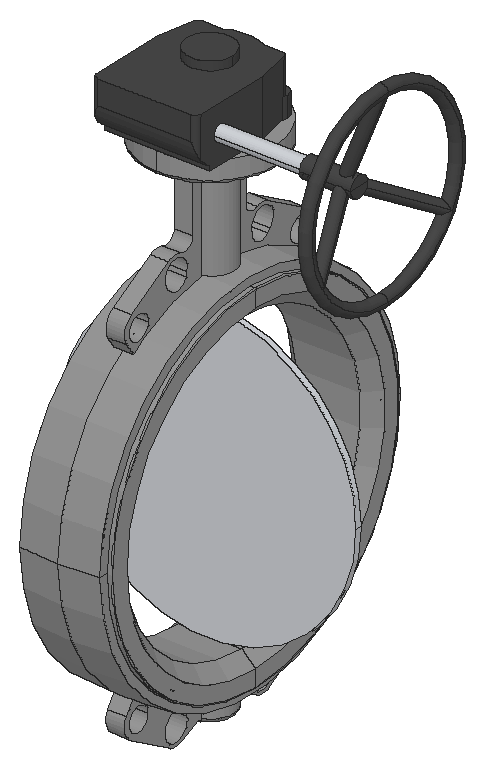
Revit family "HERZ Isolating Butterfly Valves ZF-4219 with gearbox", category Rohrzubehör, Revit 2020 (continued)
Automatic sketch dimensions
  Extrusion 8 sketch curve to Extrusion 8 sketch curve = 0.007 mm  (x2)
  Extrusion 8 sketch curve to Extrusion 8 sketch curve = 11.662 mm  (x2)
  Extrusion 8 sketch curve to Extrusion 8 sketch curve = 7.405 mm
  Extrusion 8 sketch curve to Extrusion 8 sketch curve = 9.76 mm  (x2)
  Extrusion 8 sketch curve to Extrusion 8 sketch curve = 46.144 mm
  Extrusion 8 sketch curve to Extrusion 8 sketch curve = 0.006 mm
  Extrusion 8 sketch curve to Extrusion 8 sketch curve = 0.159 mm  (x2)
  Extrusion 8 sketch curve to Extrusion 8 sketch curve = 0.225 mm  (x2)
  Extrusion 8 sketch curve to Extrusion 8 sketch curve = 3.156 mm
  Extrusion 7 sketch curve to Extrusion 7 sketch curve = 0 mm  (x29)
  Extrusion 7 sketch curve to level = 0 mm
  Extrusion 7 sketch curve to plane 1 "Mitte (Vorne/hinten)" = 0 mm
  Extrusion 7 sketch curve to Extrusion 7 sketch curve = 4.987 mm  (x2)
  plane 1 "Mitte (Vorne/hinten)" to Extrusion 7 sketch curve = 42.642 mm
  Extrusion 7 sketch curve to Extrusion 7 sketch curve = 3.28 mm  (x2)
  Extrusion 7 sketch curve to Extrusion 7 sketch curve = 14.935 mm  (x2)
  Extrusion 7 sketch curve to Extrusion 7 sketch curve = 11.589 mm  (x2)
  Extrusion 7 sketch curve to Extrusion 7 sketch curve = 14.868 mm  (x2)
  Extrusion 7 sketch curve to Extrusion 7 sketch curve = 33.628 mm  (x4)
  Extrusion 7 sketch curve to Extrusion 7 sketch curve = 3.946 mm  (x4)
  Extrusion 7 sketch curve to Extrusion 7 sketch curve = 12.021 mm  (x8)
  Extrusion 7 sketch curve to Extrusion 7 sketch curve = 8.075 mm  (x8)
  plane 1 "Mitte (Vorne/hinten)" to Extrusion 7 sketch curve = 21.03 mm
  Extrusion 7 sketch curve to Extrusion 7 sketch curve = 5.5 mm
  Extrusion 7 sketch curve to Extrusion 7 sketch curve = 0.54 mm  (x2)
  Extrusion 7 sketch curve to Extrusion 7 sketch curve = 0.103 mm
  Extrusion 7 sketch curve to Extrusion 7 sketch curve = 1.99 mm  (x2)
  plane 1 "Mitte (Vorne/hinten)" to Extrusion 7 sketch curve = 18.5 mm
  Extrusion 7 sketch curve to plane 1 "Mitte (Vorne/hinten)" = 18.5 mm  (x2)
  Extrusion 7 sketch curve to Extrusion 7 sketch curve = 1.897 mm
  Extrusion 7 sketch curve to Extrusion 7 sketch curve = 2 mm
  Extrusion 7 sketch curve to Extrusion 7 sketch curve = 21.612 mm
  Extrusion 7 sketch curve to level = 59.454 mm  (x2)
  Extrusion 7 sketch curve to Extrusion 7 sketch curve = 10.049 mm  (x4)
  Extrusion 7 sketch curve to Extrusion 7 sketch curve = 20.666 mm  (x2)
  Extrusion 7 sketch curve to Extrusion 7 sketch curve = 1.725 mm  (x2)
  Extrusion 7 sketch curve to Extrusion 7 sketch curve = 12.438 mm  (x4)
  level to Extrusion 7 sketch curve = 59.454 mm  (x2)
  Extrusion 7 sketch curve to Extrusion 7 sketch curve = 15.768 mm  (x2)
  Extrusion 7 sketch curve to Extrusion 7 sketch curve = 0.361 mm  (x2)
  Extrusion 7 sketch curve to Extrusion 7 sketch curve = 69.242 mm
  Extrusion 7 sketch curve to Extrusion 7 sketch curve = 0.014 mm
  Extrusion 7 sketch curve to Extrusion 7 sketch curve = 0.29 mm  (x2)
  Extrusion 6 sketch curve to Extrusion 6 sketch curve = 0 mm  (x31)
  Extrusion 6 sketch curve to level = 0 mm
  Extrusion 6 sketch curve to plane 1 "Mitte (Vorne/hinten)" = 0 mm
  plane 1 "Mitte (Vorne/hinten)" to Extrusion 6 sketch curve = 18.5 mm  (x2)
  Extrusion 6 sketch curve to Extrusion 6 sketch curve = 1.897 mm  (x2)
  Extrusion 6 sketch curve to Extrusion 6 sketch curve = 2 mm
  Extrusion 6 sketch curve to Extrusion 6 sketch curve = 4.154 mm  (x2)
  Extrusion 6 sketch curve to Extrusion 6 sketch curve = 5.603 mm
  Extrusion 6 sketch curve to Extrusion 6 sketch curve = 12 mm  (x2)
  Extrusion 6 sketch curve to Extrusion 6 sketch curve = 21.682 mm  (x2)
  Extrusion 6 sketch curve to Extrusion 6 sketch curve = 2.182 mm  (x2)
  Extrusion 6 sketch curve to Extrusion 6 sketch curve = 11.109 mm  (x4)
  Extrusion 6 sketch curve to Extrusion 6 sketch curve = 30.529 mm  (x4)
  Extrusion 6 sketch curve to Extrusion 6 sketch curve = 4.781 mm  (x4)
  Extrusion 6 sketch curve to Extrusion 6 sketch curve = 1.414 mm  (x8)
  Extrusion 6 sketch curve to Extrusion 6 sketch curve = 7.24 mm  (x8)
  Extrusion 6 sketch curve to Extrusion 6 sketch curve = 12.021 mm  (x8)
  Extrusion 6 sketch curve to plane 1 "Mitte (Vorne/hinten)" = 18.5 mm
  Extrusion 6 sketch curve to Extrusion 6 sketch curve = 7.5 mm
  Extrusion 6 sketch curve to Extrusion 6 sketch curve = 0.103 mm
  Extrusion 6 sketch curve to level = 50.036 mm  (x2)
  Extrusion 6 sketch curve to Extrusion 6 sketch curve = 17.112 mm  (x2)
  Extrusion 6 sketch curve to Extrusion 6 sketch curve = 9.185 mm  (x4)
  Extrusion 6 sketch curve to Extrusion 6 sketch curve = 20.608 mm  (x2)
  Extrusion 6 sketch curve to Extrusion 6 sketch curve = 12.868 mm  (x3)
  Extrusion 6 sketch curve to Extrusion 6 sketch curve = 9.096 mm  (x2)
  level to Extrusion 6 sketch curve = 50.036 mm  (x2)
  Extrusion 6 sketch curve to Extrusion 6 sketch curve = 17 mm
  Extrusion 6 sketch curve to Extrusion 6 sketch curve = 56.845 mm
  Extrusion 6 sketch curve to Extrusion 6 sketch curve = 0.017 mm
  Extrusion 6 sketch curve to Extrusion 6 sketch curve = 0.29 mm  (x2)
  Extrusion 5 sketch curve to Extrusion 5 sketch curve = 0 mm  (x25)
  Extrusion 5 sketch curve to level = 0 mm
  Extrusion 5 sketch curve to plane 1 "Mitte (Vorne/hinten)" = 0 mm
  plane 1 "Mitte (Vorne/hinten)" to Extrusion 5 sketch curve = 18.5 mm  (x2)
  Extrusion 5 sketch curve to Extrusion 5 sketch curve = 0.579 mm  (x2)
  Extrusion 5 sketch curve to Extrusion 5 sketch curve = 1.897 mm  (x2)
  Extrusion 5 sketch curve to Extrusion 5 sketch curve = 0.103 mm
  Extrusion 5 sketch curve to Extrusion 5 sketch curve = 5.603 mm
  Extrusion 5 sketch curve to Extrusion 5 sketch curve = 15.942 mm  (x4)
  Extrusion 5 sketch curve to Extrusion 5 sketch curve = 13 mm  (x2)
  Extrusion 5 sketch curve to Extrusion 5 sketch curve = 11.367 mm  (x4)
  Extrusion 5 sketch curve to Extrusion 5 sketch curve = 25.663 mm  (x4)
  Extrusion 5 sketch curve to Extrusion 5 sketch curve = 4.027 mm  (x4)
  Extrusion 5 sketch curve to Extrusion 5 sketch curve = 12.021 mm  (x5)
  Extrusion 5 sketch curve to Extrusion 5 sketch curve = 9.55 mm  (x4)
  Extrusion 5 sketch curve to Extrusion 5 sketch curve = 7.5 mm
  Extrusion 5 sketch curve to plane 1 "Mitte (Vorne/hinten)" = 18.5 mm  (x2)
  Extrusion 5 sketch curve to Extrusion 5 sketch curve = 2 mm
  Extrusion 5 sketch curve to level = 38.887 mm  (x2)
  Extrusion 5 sketch curve to Extrusion 5 sketch curve = 10.986 mm  (x3)
  Extrusion 5 sketch curve to Extrusion 5 sketch curve = 10.231 mm  (x3)
  Extrusion 5 sketch curve to Extrusion 5 sketch curve = 10.467 mm  (x4)
  Extrusion 5 sketch curve to Extrusion 5 sketch curve = 12.18 mm  (x2)
  Extrusion 5 sketch curve to Extrusion 5 sketch curve = 12.641 mm  (x4)
  Extrusion 5 sketch curve to Extrusion 5 sketch curve = 9.983 mm  (x2)
  level to Extrusion 5 sketch curve = 38.887 mm  (x2)
  Extrusion 5 sketch curve to Extrusion 5 sketch curve = 21.217 mm
  Extrusion 5 sketch curve to Extrusion 5 sketch curve = 16.969 mm  (x2)
  Extrusion 5 sketch curve to Extrusion 5 sketch curve = 51.117 mm
  Extrusion 5 sketch curve to Extrusion 5 sketch curve = 0.01 mm
  Extrusion 5 sketch curve to Extrusion 5 sketch curve = 0.29 mm  (x2)
  level to Extrusion 5 sketch curve = 49.873 mm
  Extrusion 4 sketch curve to Extrusion 4 sketch curve = 0 mm  (x28)
  Extrusion 4 sketch curve to level = 0 mm
  Extrusion 4 sketch curve to plane 1 "Mitte (Vorne/hinten)" = 0 mm
  plane 1 "Mitte (Vorne/hinten)" to Extrusion 4 sketch curve = 18.5 mm  (x2)
  Extrusion 4 sketch curve to Extrusion 4 sketch curve = 1.897 mm  (x2)
  Extrusion 4 sketch curve to Extrusion 4 sketch curve = 0.103 mm  (x2)
  Extrusion 4 sketch curve to Extrusion 4 sketch curve = 5.603 mm  (x2)
  Extrusion 4 sketch curve to Extrusion 4 sketch curve = 12.115 mm  (x4)
  Extrusion 4 sketch curve to Extrusion 4 sketch curve = 9 mm  (x2)
  Extrusion 4 sketch curve to Extrusion 4 sketch curve = 11.39 mm  (x2)
  Extrusion 4 sketch curve to Extrusion 4 sketch curve = 7.005 mm  (x2)
  Extrusion 4 sketch curve to Extrusion 4 sketch curve = 22.772 mm  (x4)
  Extrusion 4 sketch curve to Extrusion 4 sketch curve = 4.597 mm  (x4)
  Extrusion 4 sketch curve to Extrusion 4 sketch curve = 1.485 mm  (x4)
  Extrusion 4 sketch curve to Extrusion 4 sketch curve = 12.021 mm  (x4)
  Extrusion 4 sketch curve to Extrusion 4 sketch curve = 9.247 mm  (x4)
  Extrusion 4 sketch curve to plane 1 "Mitte (Vorne/hinten)" = 18.5 mm  (x2)
  Extrusion 4 sketch curve to level = 31.935 mm  (x2)
  Extrusion 4 sketch curve to Extrusion 4 sketch curve = 1.34 mm  (x4)
  Extrusion 4 sketch curve to Extrusion 4 sketch curve = 10.245 mm  (x4)
  Extrusion 4 sketch curve to Extrusion 4 sketch curve = 9.866 mm  (x4)
  Extrusion 4 sketch curve to Extrusion 4 sketch curve = 9.447 mm  (x4)
  Extrusion 4 sketch curve to Extrusion 4 sketch curve = 11.077 mm  (x4)
  Extrusion 4 sketch curve to Extrusion 4 sketch curve = 11.926 mm  (x2)
  level to Extrusion 4 sketch curve = 31.935 mm  (x2)
  Extrusion 4 sketch curve to Extrusion 4 sketch curve = 12.62 mm  (x2)
  Extrusion 4 sketch curve to Extrusion 4 sketch curve = 12.99 mm  (x2)
  Extrusion 4 sketch curve to Extrusion 4 sketch curve = 41.354 mm
  Extrusion 4 sketch curve to Extrusion 4 sketch curve = 0.018 mm
  Extrusion 4 sketch curve to Extrusion 4 sketch curve = 0.29 mm  (x2)
  Extrusion 3 sketch curve to Extrusion 3 sketch curve = 0 mm  (x23)
  Extrusion 3 sketch curve to level = 0 mm
  Extrusion 3 sketch curve to plane 1 "Mitte (Vorne/hinten)" = 0 mm
  plane 1 "Mitte (Vorne/hinten)" to Extrusion 3 sketch curve = 18 mm
  Extrusion 3 sketch curve to Extrusion 3 sketch curve = 1.897 mm  (x2)
  Extrusion 3 sketch curve to Extrusion 3 sketch curve = 0.103 mm  (x2)
  plane 1 "Mitte (Vorne/hinten)" to Extrusion 3 sketch curve = 22.391 mm
  Extrusion 3 sketch curve to Extrusion 3 sketch curve = 1.414 mm  (x14)
  Extrusion 3 sketch curve to Extrusion 3 sketch curve = 6.103 mm  (x2)
  Extrusion 3 sketch curve to Extrusion 3 sketch curve = 2 mm  (x2)
  Extrusion 3 sketch curve to Extrusion 3 sketch curve = 7.709 mm  (x4)
  Extrusion 3 sketch curve to Extrusion 3 sketch curve = 13.318 mm  (x5)
  Extrusion 3 sketch curve to Extrusion 3 sketch curve = 15.842 mm  (x5)
  Extrusion 3 sketch curve to Extrusion 3 sketch curve = 10.233 mm
  Extrusion 3 sketch curve to Extrusion 3 sketch curve = 3.184 mm  (x7)
  Extrusion 3 sketch curve to Extrusion 3 sketch curve = 6.315 mm  (x8)
  Extrusion 3 sketch curve to Extrusion 3 sketch curve = 3.021 mm  (x4)
  Extrusion 3 sketch curve to Extrusion 3 sketch curve = 5.303 mm  (x8)
  Extrusion 3 sketch curve to level = 23.805 mm  (x2)
  Extrusion 3 sketch curve to Extrusion 3 sketch curve = 3.106 mm  (x6)
  level to Extrusion 3 sketch curve = 23.805 mm  (x2)
  Extrusion 3 sketch curve to Extrusion 3 sketch curve = 6.654 mm  (x4)
  Extrusion 3 sketch curve to Extrusion 3 sketch curve = 9.77 mm  (x4)
  Extrusion 3 sketch curve to plane 1 "Mitte (Vorne/hinten)" = 18 mm
  Extrusion 3 sketch curve to plane 1 "Mitte (Vorne/hinten)" = 22.391 mm
  Extrusion 3 sketch curve to Extrusion 3 sketch curve = 5.708 mm  (x2)
  Extrusion 3 sketch curve to Extrusion 3 sketch curve = 3.131 mm
  level to Extrusion 3 sketch curve = 42.831 mm
  Extrusion 3 sketch curve to Extrusion 3 sketch curve = 4.045 mm
  Extrusion 3 sketch curve to Extrusion 3 sketch curve = 12.379 mm
  Extrusion 3 sketch curve to Extrusion 3 sketch curve = 68.43 mm
  Extrusion 3 sketch curve to Extrusion 3 sketch curve = 0.003 mm
  Extrusion 3 sketch curve to Extrusion 3 sketch curve = 0.316 mm  (x2)
  curve 12 to level = 0 mm
  curve 12 to plane 3 "Mitte (Links/rechts)" = 0 mm
  plane 1 "Mitte (Vorne/hinten)" to curve 6 = 0 mm
  curve 6 to plane 3 "Mitte (Links/rechts)" = 0 mm
  Revolve 1 sketch curve to plane 1 "Mitte (Vorne/hinten)" = 0 mm
  Revolve 1 sketch curve to Revolve 1 sketch curve = 0.987 mm
  Revolve 1 sketch curve to Revolve 1 sketch curve = 1.5 mm  (x4)
  Revolve 1 sketch curve to Revolve 1 sketch curve = 0.513 mm
  Revolve 1 sketch curve to Revolve 1 sketch curve = 0.915 mm  (x2)
  Revolve 1 sketch curve to Revolve 1 sketch curve = 1978.5 mm  (x2)
  Revolve 11 sketch curve to plane 1 "Mitte (Vorne/hinten)" = 0 mm  (x2)
  Revolve 11 sketch curve to Revolve 11 sketch curve = 3 mm
  Revolve 11 sketch curve to Revolve 11 sketch curve = 459.992 mm
  level to Revolve 11 sketch curve = 2741.474 mm
  Revolve 12 sketch curve to plane 1 "Mitte (Vorne/hinten)" = 0 mm  (x3)
  Revolve 12 sketch curve to Revolve 12 sketch curve = 1.895 mm
  Revolve 12 sketch curve to Revolve 12 sketch curve = 2 mm  (x2)
  Revolve 12 sketch curve to Revolve 12 sketch curve = 0.105 mm
  Revolve 12 sketch curve to level = 520.992 mm
  Revolve 12 sketch curve to Revolve 12 sketch curve = 2616.474 mm
  Revolve 13 sketch curve to level = 0 mm
  Revolve 13 sketch curve to Revolve 13 sketch curve = 1.492 mm
  Revolve 13 sketch curve to Revolve 13 sketch curve = 0.18 mm  (x2)
  Revolve 13 sketch curve to Revolve 13 sketch curve = 5.027 mm
  Revolve 13 sketch curve to Revolve 13 sketch curve = 1 mm
  Revolve 13 sketch curve to Revolve 13 sketch curve = 0.999 mm  (x2)
  Revolve 13 sketch curve to Revolve 13 sketch curve = 0.27 mm
  Revolve 13 sketch curve to Revolve 13 sketch curve = 0.957 mm
  Revolve 13 sketch curve to Revolve 13 sketch curve = 1328.99 mm
  Revolve 13 sketch curve to Revolve 13 sketch curve = 1875.983 mm
  Extrusion 14 sketch curve to level = 0 mm
  Extrusion 14 sketch curve to plane 3 "Mitte (Links/rechts)" = 0 mm
  radius of Extrusion 10 sketch curve = 12 mm  (x4)
  radius of Extrusion 9 sketch curve = 9.5 mm  (x4)
  radius of Extrusion 9 sketch curve = 14 mm  (x4)
  radius of Extrusion 7 sketch curve = 11.5 mm  (x4)
  radius of Extrusion 7 sketch curve = 9.5 mm  (x4)
  radius of Extrusion 6 sketch curve = 9.5 mm  (x8)
  radius of Extrusion 5 sketch curve = 9.5 mm  (x8)
  radius of Extrusion 4 sketch curve = 9.5 mm  (x8)
  radius of curve 12 = 7 mm
  radius of curve 6 = 5 mm
Nested families
  nested 1: "Herz-Logo-vorne" at (-23, 0, 197.5), type "Herz-Logo-vorne"
  nested 2: "Getriebe für Klappe DN50-DN200" at (0, 0, 125), visible <- "DN 50", type "Getriebe für Klappe DN50-DN200"
  nested 3: "Getriebe für Klappe DN50-DN200" at (0, 0, 149.5), visible <- "DN 65", type "Getriebe für Klappe DN50-DN200"
  nested 4: "Getriebe für Klappe DN50-DN200" at (0, 0, 156.5), visible <- "DN 80", type "Getriebe für Klappe DN50-DN200"
  nested 5: "Getriebe für Klappe DN50-DN200" at (0, 0, 182), visible <- "DN100", type "Getriebe für Klappe DN50-DN200"
  nested 6: "Getriebe für Klappe DN50-DN200" at (0, 0, 201), visible <- "DN125", type "Getriebe für Klappe DN50-DN200"
  nested 7: "Getriebe für Klappe DN50-DN200" at (0, 0, 214), visible <- "DN150", type "Getriebe für Klappe DN50-DN200"
  nested 8: "Getriebe für Klappe DN50-DN200" at (0, 0, 245), visible <- "DN200", type "Getriebe für Klappe DN50-DN200"
  nested 9: "Getriebe für Klappe DN250-DN300" at (0, 0, 283), visible <- "DN250", type "Getriebe für Klappe DN250-DN300"
  nested 10: "Getriebe für Klappe DN250-DN300" at (0, 0, 308), visible <- "DN300", type "Getriebe für Klappe DN250-DN300"
Connectors
  piping at (44.7, 0, 0), diameter 300, driven by "Nennweite"
    settings: on Revolve 13, index 1, connector inside diameter 609.6 mm, connector length 0 mm, flow factor 0, pipe flow 0.0 L/s, pressure drop 0.0 Pa, fitting loss kfactor 0, connector angle 0.00°, fixture units 0, engagement length 0 mm, angle of deflection 0.00°, flow configuration 0, flow direction 0, fitting loss method 0, system type 29, joint type 0, gender type 0, connector reference index -1, connector utility 0, adjustable connector no, is connector primary yes, connector description ""
  piping at (-44.7, 0, 0), diameter 300, driven by "Nennweite"
    settings: on Revolve 13, index 2, connector inside diameter 609.6 mm, connector length 0 mm, flow factor 0, pipe flow 0.0 L/s, pressure drop 0.0 Pa, fitting loss kfactor 0, connector angle 0.00°, fixture units 0, engagement length 0 mm, angle of deflection 0.00°, flow configuration 0, flow direction 0, fitting loss method 0, system type 29, joint type 0, gender type 0, connector reference index -1, connector utility 0, adjustable connector no, is connector primary no, connector description ""
Definition of nested family "Herz-Logo-vorne"
  Parameters (values of type "Herz-Logo-vorne")
    Default Elevation = 0 mm
  Reference planes
    plane 1 "Mitte (Vorne/hinten)": y = 0
    plane 2: z = 0
    plane 3 "Mitte (Links/rechts)": x = 0
  Forms (mm)
    Extrusion 1, solid
      sketch origin (0.732, -0.018, 0.017) x (0, -1, 0) y (0, 0, 1)
        loop
          line (-0.018, -4.517) -> (4.482, -4.517) -> (4.482, 4.483) -> (-4.518, 4.483) -> (-4.518, -4.517) -> (-0.018, -4.517)
        loop
          line (-0.05, -3.48) -> (3.482, -3.48) -> (3.482, 3.483) -> (-3.518, 3.483) -> (-3.518, -3.48) -> (-0.05, -3.48)
        loop
          arc (-0.018, 2.383) -> (-1.543, 3.287) -> (-3.067, 2.383) r 1.738
          arc (-3.067, 2.383) -> (-3.191, 1.899) -> (-3.067, 1.415) r 1.009
          line (-3.067, 1.415) -> (-0.018, -3.281) -> (3.032, 1.415)
          arc (3.032, 1.415) -> (3.156, 1.899) -> (3.032, 2.383) r 1.009
          arc (3.032, 2.383) -> (1.507, 3.287) -> (-0.018, 2.383) r 1.738
        loop
          arc (1.885, 1.272) -> (2.005, 1.675) -> (1.885, 2.079) r 0.74
          arc (1.885, 2.079) -> (1.265, 2.416) -> (0.644, 2.079) r 0.74
          line (0.644, 2.079) -> (-0.018, 0.97) -> (-0.679, 2.079)
          arc (-0.679, 2.079) -> (-1.3, 2.416) -> (-1.921, 2.079) r 0.74
          arc (-1.921, 2.079) -> (-2.04, 1.675) -> (-1.921, 1.272) r 0.74
          line (-1.921, 1.272) -> (-0.018, -1.658) -> (1.885, 1.272)
      from 0 to 1.5
  Dimensions and locks
    aligned and locked: level to plane 2
Definition of nested family "Getriebe für Klappe DN50-DN200"
  Parameters (values of type "Getriebe für Klappe DN50-DN200")
    W01 = 11.19°  # constant formula
    Default Elevation = 0 mm
    URL = "www.herz-armaturen.at"
    R07 = 92 mm  # constant formula
    R06 = 6 mm  # constant formula
    R05 = 10 mm  # constant formula
    R04 = 7.5 mm  # constant formula
    R03 = 10.5 mm  # constant formula
    R02 = 5.4 mm  # constant formula
    R01 = 44.9 mm  # constant formula
    M01 = 37 mm  # constant formula
    L03 = 52 mm  # constant formula
    L02 = 39.6 mm  # constant formula
    L01 = 80 mm  # constant formula
    Manufacturer = "Herz-Armaturen GmbH"  # constant formula
    H03 = 28.6 mm  # constant formula
    H02 = 20 mm  # constant formula
    H01 = 54 mm  # constant formula
    B05 = 209 mm  # constant formula
    B04 = 22 mm  # constant formula
    B03 = 50 mm  # constant formula
    B02 = 159 mm  # constant formula
    B01 = 51 mm  # constant formula
    A01 = 28.6 mm  # constant formula
  Reference planes
    plane 1 "Mitte (Vorne/hinten)": y = 0
    plane 2: z = 0
    plane 3 "Mitte (Links/rechts)": x = 0
  Forms (mm)
    Extrusion 1, solid, detail levels fine
      sketch origin (0, 0, 0) x (1, 0, 0) y (0, 1, 0)
        loop
          line (51, 0) -> (43.999, 35.392)
          arc (43.999, 35.392) -> (42.103, 38.419) -> (38.732, 39.6) r 5.4
          line (38.732, 39.6) -> (20.252, 39.6)
          arc (20.252, 39.6) -> (0, 44.427) -> (-20.252, 39.6) r 44.9
          line (-20.252, 39.6) -> (-38.732, 39.6)
          arc (-38.732, 39.6) -> (-42.103, 38.419) -> (-43.999, 35.392) r 5.4
          line (-43.999, 35.392) -> (-51, 0) -> (-51, -74.6)
          arc (-51, -74.6) -> (-49.418, -78.418) -> (-45.6, -80) r 5.4
          line (-45.6, -80) -> (45.6, -80)
          arc (45.6, -80) -> (49.418, -78.418) -> (51, -74.6) r 5.4
          line (51, -74.6) -> (51, 0)
      from 0 to 54
    Extrusion 2, solid, detail levels fine
      sketch origin (0, 0, 0) x (1, 0, 0) y (0, 1, 0)
        loop
          circle (-35.7, 37) r 10.5
        loop
          circle (35.7, 37) r 10.5
      from 0 to 20
    Extrusion 3, void
      sketch origin (0, 0, 0) x (0, 1, 0) y (0, 0, 1)
        loop
          line (-80, 0) -> (-64.573, 0) -> (-64.573, 4.9)
          arc (-64.573, 4.9) -> (-75.841, 15.433) -> (-80, 30.286) r 28.6
          line (-80, 30.286) -> (-80, 0)
      from -51 to 51
    Revolve 4, solid, detail levels fine
      sketch origin (0, 0, 28.6) x (1, 0, 0) y (0, 1, 0)
        loop
          line (0, -52) -> (0, -59.5) -> (159, -59.5) -> (159, -52) -> (0, -52)
        axis (0, -52) -> (159, -52)
      angle from 0 to 360
    Extrusion 5, solid, detail levels fine
      sketch origin (0, 0, 0) x (1, 0, 0) y (0, 1, 0)
        loop
          circle (0, 0) r 22.3
      from 54 to 63
    Revolve 6, solid, detail levels fine
      sketch origin (0, -52, 28.6) x (1, 0, 0) y (0, 0, 1)
        loop
          circle (209, 92) r 6
        axis (203, 0) -> (215, 0)
      angle from 0 to 360
    Revolve 7, solid, detail levels fine
      sketch origin (0, -52, 0) x (1, 0, 0) y (0, 0, 1)
        loop
          line (209, 120.6) -> (172, 28.6) -> (177.567, 26.361) -> (214.567, 118.361) -> (209, 120.6)
        axis (172, 28.6) -> (209, 120.6)
      angle from 0 to 360
    Revolve 8, solid, detail levels fine
      sketch origin (0, 0, 28.6) x (1, 0, 0) y (0, 1, 0)
        loop
          line (137, -59.5) -> (137, -62) -> (187, -62) -> (187, -52) -> (159, -52) -> (159, -59.5) -> (137, -59.5)
        axis (137, -52) -> (187, -52)
      angle from 0 to 360
    Revolve 9, solid, detail levels fine
      sketch origin (0, -27.232, 42.9) x (1, 0, 0) y (0, -0.866025, -0.5)
        loop
          line (209, 120.6) -> (172, 28.6) -> (177.567, 26.361) -> (214.567, 118.361) -> (209, 120.6)
        axis (172, 28.6) -> (209, 120.6)
      angle from 0 to 360
    Revolve 10, solid, detail levels fine
      sketch origin (0, -76.768, 42.9) x (1, 0, 0) y (0, 0.866025, -0.5)
        loop
          line (209, 120.6) -> (172, 28.6) -> (177.567, 26.361) -> (214.567, 118.361) -> (209, 120.6)
        axis (172, 28.6) -> (209, 120.6)
      angle from 0 to 360
  Cuts and joins
    Extrusion 3 cuts Extrusion 1
  Dimensions and locks
    "B01": Extrusion 1 sketch curve to plane 3 "Mitte (Links/rechts)"
    "B01": plane 3 "Mitte (Links/rechts)" to Extrusion 1 sketch curve
    "L02": plane 1 "Mitte (Vorne/hinten)" to Extrusion 1 sketch curve  (x2)
    "L01": Extrusion 1 sketch curve to plane 1 "Mitte (Vorne/hinten)"
    "M01": plane 1 "Mitte (Vorne/hinten)" to Extrusion 2 sketch curve  (x2)
    "H01": Extrusion 1 to plane 2
    "H02": Extrusion 2 to plane 2
    "L03": Revolve 4 sketch curve to plane 1 "Mitte (Vorne/hinten)"
    "R04": Revolve 4 sketch curve to Revolve 4 sketch curve
    "B02": Revolve 4 sketch curve to Revolve 4 sketch curve
    "H03": Revolve 8 to plane 2
    "H03": Revolve 4 to plane 2
    "L03": Revolve 8 sketch curve to plane 1 "Mitte (Vorne/hinten)"
    "B02": plane 3 "Mitte (Links/rechts)" to Revolve 8 sketch curve
    "R05": Revolve 8 sketch curve to Revolve 8 sketch curve
    "B03": Revolve 8 sketch curve to Revolve 8 sketch curve
    "B04": Revolve 8 sketch curve to Revolve 8 sketch curve
    "R04": Revolve 8 sketch curve to Revolve 8 sketch curve
    "B05": Revolve 6 sketch curve to plane 3 "Mitte (Links/rechts)"
    "R07": Revolve 6 sketch curve to Revolve 6 sketch curve
    "A01": plane 2 to Revolve 6 sketch curve
    "R02": radius of Extrusion 1 sketch curve  (x4)
    "R01": radius of Extrusion 1 sketch curve
    "R03": radius of Extrusion 2 sketch curve  (x2)
    "R06": radius of Revolve 6 sketch curve
    "W01": angle Extrusion 1 sketch curve to Extrusion 1 sketch curve  (x2)
    aligned and locked: level to plane 2
  Automatic sketch dimensions
    Extrusion 3 sketch curve to level = 0 mm
    plane 1 "Mitte (Vorne/hinten)" to Extrusion 3 sketch curve = 80 mm
    Extrusion 3 sketch curve to Extrusion 3 sketch curve = 15.427 mm
    Extrusion 3 sketch curve to Extrusion 3 sketch curve = 13.173 mm
    level to Extrusion 3 sketch curve = 4.9 mm
    plane 1 "Mitte (Vorne/hinten)" to Extrusion 5 sketch curve = 0 mm
    Extrusion 5 sketch curve to plane 3 "Mitte (Links/rechts)" = 0 mm
    level to Revolve 7 sketch curve = 28.6 mm  (x2)
    plane 3 "Mitte (Links/rechts)" to Revolve 7 sketch curve = 172 mm
    level to Revolve 7 sketch curve = 26.361 mm
    Revolve 7 sketch curve to Revolve 7 sketch curve = 5.567 mm
    level to Revolve 7 sketch curve = 120.6 mm
    Revolve 7 sketch curve to Revolve 7 sketch curve = 0 mm  (x3)
    plane 3 "Mitte (Links/rechts)" to Revolve 10 sketch curve = 172 mm
    Revolve 10 sketch curve to Revolve 10 sketch curve = 5.567 mm
    Revolve 10 sketch curve to Revolve 10 sketch curve = 37 mm
    Revolve 10 sketch curve to Revolve 10 sketch curve = 2.239 mm
    Revolve 10 sketch curve to Revolve 10 sketch curve = 0 mm  (x4)
    plane 3 "Mitte (Links/rechts)" to Revolve 9 sketch curve = 172 mm
    Revolve 9 sketch curve to Revolve 9 sketch curve = 5.567 mm
    Revolve 9 sketch curve to Revolve 9 sketch curve = 37 mm
    Revolve 9 sketch curve to Revolve 9 sketch curve = 2.239 mm
    Revolve 9 sketch curve to Revolve 9 sketch curve = 0 mm  (x4)
    Extrusion 1 sketch curve to plane 3 "Mitte (Links/rechts)" = 0 mm
    plane 1 "Mitte (Vorne/hinten)" to Extrusion 1 sketch curve = 0 mm  (x2)
    Extrusion 1 sketch curve to plane 1 "Mitte (Vorne/hinten)" = 35.392 mm
    Extrusion 1 sketch curve to Extrusion 1 sketch curve = 18.48 mm  (x2)
    Extrusion 2 sketch curve to plane 3 "Mitte (Links/rechts)" = 35.7 mm
    plane 3 "Mitte (Links/rechts)" to Extrusion 2 sketch curve = 35.7 mm
    Revolve 4 sketch curve to plane 3 "Mitte (Links/rechts)" = 0 mm  (x2)
    Revolve 4 sketch curve to Revolve 4 sketch curve = 0 mm  (x2)
    Revolve 6 sketch curve to plane 3 "Mitte (Links/rechts)" = 1506.53 mm
    Revolve 6 sketch curve to Revolve 6 sketch curve = 1630.148 mm
    Revolve 8 sketch curve to Revolve 8 sketch curve = 7.5 mm
    Revolve 8 sketch curve to Revolve 8 sketch curve = 0 mm  (x2)
    radius of Extrusion 5 sketch curve = 22.3 mm
Definition of nested family "Getriebe für Klappe DN250-DN300"
  Parameters (values of type "Getriebe für Klappe DN250-DN300")
    W01 = 11.19°  # constant formula
    Default Elevation = 0 mm
    URL = "www.herz-armaturen.at"
    R07 = 92 mm  # constant formula
    R06 = 6 mm  # constant formula
    R05 = 10 mm  # constant formula
    R04 = 7.5 mm  # constant formula
    R03 = 10.5 mm  # constant formula
    R02 = 5.4 mm  # constant formula
    R01 = 44.9 mm  # constant formula
    M01 = 37 mm  # constant formula
    L03 = 52 mm  # constant formula
    L02 = 39.6 mm  # constant formula
    L01 = 80 mm  # constant formula
    Manufacturer = "Herz-Armaturen GmbH"  # constant formula
    H03 = 28.6 mm  # constant formula
    H02 = 20 mm  # constant formula
    H01 = 54 mm  # constant formula
    B05 = 209 mm  # constant formula
    B04 = 22 mm  # constant formula
    B03 = 50 mm  # constant formula
    B02 = 159 mm  # constant formula
    B01 = 51 mm  # constant formula
    A01 = 28.6 mm  # constant formula
  Reference planes
    plane 1 "Mitte (Vorne/hinten)": y = 0
    plane 2: z = 0
    plane 3 "Mitte (Links/rechts)": x = 0
  Forms (mm)
    Extrusion 1, solid, detail levels fine
      sketch origin (0, 0, 0) x (1, 0, 0) y (0, 1, 0)
        loop
          line (51, 0) -> (43.999, 35.392)
          arc (43.999, 35.392) -> (42.103, 38.419) -> (38.732, 39.6) r 5.4
          line (38.732, 39.6) -> (20.252, 39.6)
          arc (20.252, 39.6) -> (0, 44.427) -> (-20.252, 39.6) r 44.9
          line (-20.252, 39.6) -> (-38.732, 39.6)
          arc (-38.732, 39.6) -> (-42.103, 38.419) -> (-43.999, 35.392) r 5.4
          line (-43.999, 35.392) -> (-51, 0) -> (-51, -74.6)
          arc (-51, -74.6) -> (-49.418, -78.418) -> (-45.6, -80) r 5.4
          line (-45.6, -80) -> (45.6, -80)
          arc (45.6, -80) -> (49.418, -78.418) -> (51, -74.6) r 5.4
          line (51, -74.6) -> (51, 0)
      from 0 to 54
    Extrusion 2, solid, detail levels fine
      sketch origin (0, 0, 0) x (1, 0, 0) y (0, 1, 0)
        loop
          circle (-35.7, 37) r 10.5
        loop
          circle (35.7, 37) r 10.5
      from 0 to 20
    Extrusion 3, void
      sketch origin (0, 0, 0) x (0, 1, 0) y (0, 0, 1)
        loop
          line (-80, 0) -> (-64.573, 0) -> (-64.573, 4.9)
          arc (-64.573, 4.9) -> (-75.841, 15.433) -> (-80, 30.286) r 28.6
          line (-80, 30.286) -> (-80, 0)
      from -51 to 51
    Revolve 4, solid, detail levels fine
      sketch origin (0, 0, 28.6) x (1, 0, 0) y (0, 1, 0)
        loop
          line (0, -52) -> (0, -59.5) -> (159, -59.5) -> (159, -52) -> (0, -52)
        axis (0, -52) -> (159, -52)
      angle from 0 to 360
    Extrusion 5, solid, detail levels fine
      sketch origin (0, 0, 0) x (1, 0, 0) y (0, 1, 0)
        loop
          circle (0, 0) r 22.3
      from 54 to 62.5
    Revolve 6, solid, detail levels fine
      sketch origin (0, -52, 28.6) x (1, 0, 0) y (0, 0, 1)
        loop
          circle (209, 92) r 6
        axis (203, 0) -> (215, 0)
      angle from 0 to 360
    Revolve 7, solid, detail levels fine
      sketch origin (0, -52, 0) x (1, 0, 0) y (0, 0, 1)
        loop
          line (209, 120.6) -> (172, 28.6) -> (177.567, 26.361) -> (214.567, 118.361) -> (209, 120.6)
        axis (172, 28.6) -> (209, 120.6)
      angle from 0 to 360
    Revolve 8, solid, detail levels fine
      sketch origin (0, 0, 28.6) x (1, 0, 0) y (0, 1, 0)
        loop
          line (137, -59.5) -> (137, -62) -> (187, -62) -> (187, -52) -> (159, -52) -> (159, -59.5) -> (137, -59.5)
        axis (137, -52) -> (187, -52)
      angle from 0 to 360
    Revolve 9, solid, detail levels fine
      sketch origin (0, -27.232, 42.9) x (1, 0, 0) y (0, -0.866025, -0.5)
        loop
          line (209, 120.6) -> (172, 28.6) -> (177.567, 26.361) -> (214.567, 118.361) -> (209, 120.6)
        axis (172, 28.6) -> (209, 120.6)
      angle from 0 to 360
    Revolve 10, solid, detail levels fine
      sketch origin (0, -76.768, 42.9) x (1, 0, 0) y (0, 0.866025, -0.5)
        loop
          line (209, 120.6) -> (172, 28.6) -> (177.567, 26.361) -> (214.567, 118.361) -> (209, 120.6)
        axis (172, 28.6) -> (209, 120.6)
      angle from 0 to 360
  Cuts and joins
    Extrusion 3 cuts Extrusion 1
  Dimensions and locks
    "B01": Extrusion 1 sketch curve to plane 3 "Mitte (Links/rechts)"
    "B01": plane 3 "Mitte (Links/rechts)" to Extrusion 1 sketch curve
    "L02": plane 1 "Mitte (Vorne/hinten)" to Extrusion 1 sketch curve  (x2)
    "L01": Extrusion 1 sketch curve to plane 1 "Mitte (Vorne/hinten)"
    "M01": plane 1 "Mitte (Vorne/hinten)" to Extrusion 2 sketch curve  (x2)
    "H01": Extrusion 1 to plane 2
    "H02": Extrusion 2 to plane 2
    "L03": Revolve 4 sketch curve to plane 1 "Mitte (Vorne/hinten)"
    "R04": Revolve 4 sketch curve to Revolve 4 sketch curve
    "B02": Revolve 4 sketch curve to Revolve 4 sketch curve
    "H03": Revolve 8 to plane 2
    "H03": Revolve 4 to plane 2
    "L03": Revolve 8 sketch curve to plane 1 "Mitte (Vorne/hinten)"
    "B02": plane 3 "Mitte (Links/rechts)" to Revolve 8 sketch curve
    "R05": Revolve 8 sketch curve to Revolve 8 sketch curve
    "B03": Revolve 8 sketch curve to Revolve 8 sketch curve
    "B04": Revolve 8 sketch curve to Revolve 8 sketch curve
    "R04": Revolve 8 sketch curve to Revolve 8 sketch curve
    "B05": Revolve 6 sketch curve to plane 3 "Mitte (Links/rechts)"
    "R07": Revolve 6 sketch curve to Revolve 6 sketch curve
    "A01": plane 2 to Revolve 6 sketch curve
    "R02": radius of Extrusion 1 sketch curve  (x4)
    "R01": radius of Extrusion 1 sketch curve
    "R03": radius of Extrusion 2 sketch curve  (x2)
    "R06": radius of Revolve 6 sketch curve
    "W01": angle Extrusion 1 sketch curve to Extrusion 1 sketch curve  (x2)
    aligned and locked: level to plane 2
  Automatic sketch dimensions
    Extrusion 3 sketch curve to level = 0 mm
    plane 1 "Mitte (Vorne/hinten)" to Extrusion 3 sketch curve = 80 mm
    Extrusion 3 sketch curve to Extrusion 3 sketch curve = 15.427 mm
    Extrusion 3 sketch curve to Extrusion 3 sketch curve = 13.173 mm
    level to Extrusion 3 sketch curve = 4.9 mm
    plane 1 "Mitte (Vorne/hinten)" to Extrusion 5 sketch curve = 0 mm
    Extrusion 5 sketch curve to plane 3 "Mitte (Links/rechts)" = 0 mm
    level to Revolve 7 sketch curve = 28.6 mm  (x2)
    plane 3 "Mitte (Links/rechts)" to Revolve 7 sketch curve = 172 mm
    level to Revolve 7 sketch curve = 26.361 mm
    Revolve 7 sketch curve to Revolve 7 sketch curve = 5.567 mm
    level to Revolve 7 sketch curve = 120.6 mm
    Revolve 7 sketch curve to Revolve 7 sketch curve = 0 mm  (x3)
    plane 3 "Mitte (Links/rechts)" to Revolve 10 sketch curve = 172 mm
    Revolve 10 sketch curve to Revolve 10 sketch curve = 5.567 mm
    Revolve 10 sketch curve to Revolve 10 sketch curve = 37 mm
    Revolve 10 sketch curve to Revolve 10 sketch curve = 2.239 mm
    Revolve 10 sketch curve to Revolve 10 sketch curve = 0 mm  (x4)
    plane 3 "Mitte (Links/rechts)" to Revolve 9 sketch curve = 172 mm
    Revolve 9 sketch curve to Revolve 9 sketch curve = 5.567 mm
    Revolve 9 sketch curve to Revolve 9 sketch curve = 37 mm
    Revolve 9 sketch curve to Revolve 9 sketch curve = 2.239 mm
    Revolve 9 sketch curve to Revolve 9 sketch curve = 0 mm  (x4)
    Extrusion 1 sketch curve to plane 3 "Mitte (Links/rechts)" = 0 mm
    plane 1 "Mitte (Vorne/hinten)" to Extrusion 1 sketch curve = 0 mm  (x2)
    Extrusion 1 sketch curve to plane 1 "Mitte (Vorne/hinten)" = 35.392 mm
    Extrusion 1 sketch curve to Extrusion 1 sketch curve = 18.48 mm  (x2)
    Extrusion 2 sketch curve to plane 3 "Mitte (Links/rechts)" = 35.7 mm
    plane 3 "Mitte (Links/rechts)" to Extrusion 2 sketch curve = 35.7 mm
    Revolve 4 sketch curve to plane 3 "Mitte (Links/rechts)" = 0 mm  (x2)
    Revolve 4 sketch curve to Revolve 4 sketch curve = 0 mm  (x2)
    Revolve 6 sketch curve to plane 3 "Mitte (Links/rechts)" = 1506.53 mm
    Revolve 6 sketch curve to Revolve 6 sketch curve = 1630.148 mm
    Revolve 8 sketch curve to Revolve 8 sketch curve = 7.5 mm
    Revolve 8 sketch curve to Revolve 8 sketch curve = 0 mm  (x2)
    radius of Extrusion 5 sketch curve = 22.3 mm
